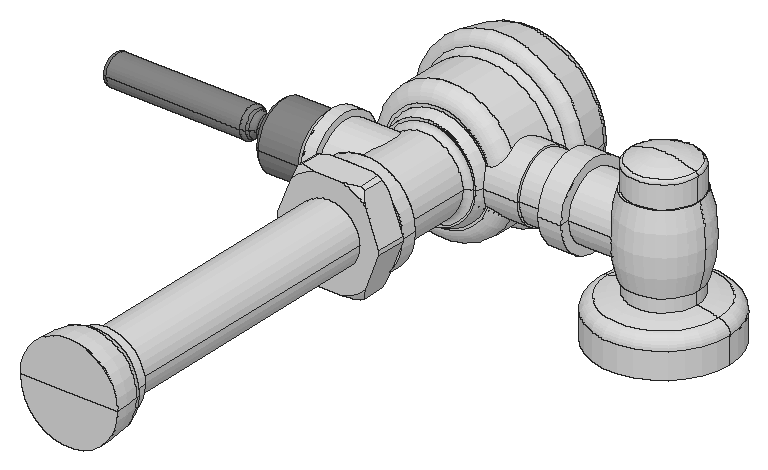
Revit family "Plumbing-Flushometer-Sloan-ROYAL-111_", category Plumbing Fixtures, host Face, Revit 2022
Family settings
  Host = Face
  Round Connector Dimension = Use Diameter
  Part Type = Normal
  OmniClass Number = 23.45.05.14.99
  OmniClass Title = Other Sanitary Washing Plumbing Fixtures
  Cut with Voids When Loaded = No
  Maintain Annotation Orientation = No
  Shared = No
  Room Calculation Point = No
Parameters (values of type "Not a Type - Load Type Catalog!")
  Water Inlet Connection Diameter = 1"  # constant formula
  Waste Connection = no
  WFU = 0
  Version = 2
  Vent Connection = no
  Valve Pressure Drop = 0.00 psi
  URL = "www.sloanvalve.com"
  Product data url = "https://www.bimobject.com/sloan_valve/product/flushometers_royal-111"
  Product Material = Sloan Valve - Finish - Polished Chrome
  Product Guid = ""
  Part Number = ""
  Operating Water Pressure = "15 – 80 PSI (103 – 552 kPa)"  # constant formula
  Model = "Model not specified - Load type catalog!"
  Manufacturer = "Sloan Valve"  # constant formula
  Keynote = "15410"
  Height = 14"  # constant formula
  HWFU = 0
  HW Connection = no
  Flush Rate = "1.6/1.1 gpf (6.0/4.2 Lpf)"
  Edition number = 1
  Description = ""
  Default Elevation = 0"
  Date Updated = "09.12.2024"  # constant formula
  Date Created = ""
  Centerline of Supply to Centerline of Valve = 4 3/4"  # constant formula
  Centerline of Supply from Top of Fixture = 11 1/2"  # constant formula
  CWFU = 0
  CW Connection = yes
  Assembly Code = "D2020300"
Reference planes (in)
  plane 1 "Center (Front/Back)": y = 0
  plane 2: z = 0
  plane 3 "Center (Left/Right)": x = 0
  plane 4: x = 4.75
  plane 5: y = -11.5
Dimensions and locks (in)
  "Centerline of Supply to Centerline of Valve": plane 3 "Center (Left/Right)" to plane 4
  aligned and locked: plane 2 to host face
  aligned and locked: level to host face
  aligned and locked: plane 3 "Center (Left/Right)" to nested 1
Automatic sketch dimensions
  host sketch curve to host sketch curve = 96"  (x2)
Nested families (in)
  nested 1: "Geometry" at (0, -11.5, 0) x (1, 0, 0) z (0, 1, 0), type "Geometry"
Connectors (in)
  piping at (4.75, 0, 0), diameter 1, driven by "Water Inlet Connection Diameter", driven by "CWFU", driven by "Valve Pressure Drop"
    settings: on nested 1, index 2, connector inside diameter 24", connector length 0", flow factor 0, pipe flow 0 GPM, pressure drop 0.00 psi, fitting loss kfactor 0, connector angle 0.00°, fixture units 0, engagement length 0", angle of deflection 0.00°, flow configuration 3, flow direction 1, fitting loss method 4, system type 20, joint type 0, gender type 0, connector reference index -1, connector utility 0, adjustable connector no, is connector primary yes, connector description "Water Inlet Connection"
Definition of nested family "Geometry"
  Parameters (values of type "Geometry")
    URL = ""
    Product Material = none
    Model = ""
    Manufacturer = ""
    Keynote = ""
    Description = ""
    Default Elevation = 0"
    Assembly Code = ""
  Reference planes (in)
    plane 1 "Center (Front/Back)": y = 0
    plane 2: z = 0
    plane 3 "Center (Left/Right)": x = 0
    plane 4: x = 4.75
    plane 5: y = -2.25
    plane 6: z = 11.5
  Forms (in)
    Extrusion 1, solid
      sketch origin (0, 0, 0) x (1, 0, 0) y (0, 1, 0)
        loop
          line (-48, 48) -> (-48, -48) -> (48, -48) -> (48, 48) -> (-48, 48)
      from 0 to -12
    Extrusion 2, solid, not visible
      sketch origin (0, 0, 0) x (1, 0, 0) y (0, 0, 1)
        loop
          circle (4.75, 11.5) r 1
      from 0.07956 to 0
    Revolve 3, solid, material <- "Product Material"
      sketch origin (2.87566, -6, 11.5) x (0, -1, 0) y (1, 0, 0)
        loop
          line (-6, 1.87434) -> (-6, 0.31986) -> (-5.38855, 0.31986)
          arc (-5.38855, 0.31986) -> (-5.19724, 0.39139) -> (-5.09978, 0.57088) r 0.29161
          arc (-5.09978, 0.57088) -> (-5.03831, 0.82661) -> (-5.00554, 1.08757) r 2.37095
          line (-5.00554, 1.08757) -> (-4.6752, 1.08757) -> (-4.6752, 1.02852)
          arc (-4.6752, 1.02852) -> (-3.75, 0.8743) -> (-2.8248, 1.02852) r 2.85227
          line (-2.8248, 1.02852) -> (-2.8248, 1.06789) -> (-2.30914, 1.06789)
          arc (-2.30914, 1.06789) -> (-2.25773, 1.08326) -> (-2.22321, 1.12434) r 0.09363
          arc (-2.22321, 1.12434) -> (-2.09611, 1.48981) -> (-2.05303, 1.87434) r 1.73773
          line (-2.05303, 1.87434) -> (-6, 1.87434)
        axis (-6, 1.87434) -> (-2.05303, 1.87434)
      angle from 0 to 360
    Revolve 4, solid, material <- "Product Material"
      sketch origin (-6.95658, -2.25, 142.48031) x (1, 0, 0) y (0, 0, 1)
        loop
          arc (8.09831, -142.48031) -> (8.08758, -142.15646) -> (8.04191, -141.83566) r 2.99497
          arc (8.04191, -141.83566) -> (7.98413, -141.71305) -> (7.86182, -141.65462) r 0.20189
          line (7.86182, -141.65462) -> (7.86182, -141.37914) -> (7.67533, -141.37914) -> (7.67533, -134.86351) -> (6.95658, -134.86351) -> (6.95658, -142.48031) -> (8.09831, -142.48031)
        loop
          line (6.95658, -133.81012) -> (7.86209, -133.81012) -> (7.86209, -132.071)
          arc (7.86209, -132.071) -> (7.90326, -131.97161) -> (8.00266, -131.93044) r 0.14057
          line (8.00266, -131.93044) -> (8.05894, -131.93044)
          arc (8.05894, -131.93044) -> (8.11858, -131.79902) -> (8.15737, -131.66002) r 0.93862
          line (8.15737, -131.66002) -> (8.22206, -131.66002)
          arc (8.22206, -131.66002) -> (8.4762, -131.55475) -> (8.58147, -131.30061) r 0.35941
          line (8.58147, -131.30061) -> (8.58147, -130.26424)
          arc (8.58147, -130.26424) -> (8.61171, -130.1454) -> (8.68331, -130.04584) r 0.32943
          arc (8.68331, -130.04584) -> (8.86833, -129.96921) -> (8.94497, -129.78419) r 0.26166
          line (8.94497, -129.78419) -> (8.79543, -129.08066)
          arc (8.79543, -129.08066) -> (8.71339, -128.94679) -> (8.56539, -128.89438) r 0.23518
          arc (8.56539, -128.89438) -> (8.33198, -128.87377) -> (8.09831, -128.85636) r 17.15253
          line (8.09831, -128.85636) -> (8.09831, -128.58915) -> (7.70461, -128.58915) -> (7.64556, -128.47104) -> (6.95658, -128.47104) -> (6.95658, -133.81012)
        axis (6.95658, -142.48031) -> (6.95658, -128.47104)
      angle from 0 to 360
    Revolve 5, solid
      sketch origin (-6.95658, -2.25, 142.48031) x (1, 0, 0) y (0, 0, 1)
        loop
          line (5, -132.48031) -> (5, -131.7126) -> (4.0171, -131.7126)
          arc (4.0171, -131.7126) -> (3.92793, -131.78226) -> (3.85827, -131.87143) r 0.46405
          line (3.85827, -131.87143) -> (3.85827, -132.06828)
          arc (3.85827, -132.06828) -> (3.70972, -132.11345) -> (3.58268, -132.2027) r 0.49152
          arc (3.58268, -132.2027) -> (3.48425, -132.24264) -> (3.38583, -132.2027) r 0.14124
          line (3.38583, -132.2027) -> (3.35236, -132.16923)
          arc (3.35236, -132.16923) -> (3.3041, -132.13698) -> (3.24717, -132.12566) r 0.14875
          line (3.24717, -132.12566) -> (0.11476, -132.12566)
          arc (0.11476, -132.12566) -> (0.03361, -132.15927) -> (0, -132.24042) r 0.11476
          line (0, -132.24042) -> (0, -132.48031) -> (5, -132.48031)
        axis (5, -132.48031) -> (0, -132.48031)
      angle from 0 to 360
    Revolve 6, solid, material <- "Product Material"
      sketch origin (-6.95658, -2.25, 142.48031) x (1, 0, 0) y (0, 0, 1)
        loop
          line (5, -132.48031) -> (6.93793, -132.48031) -> (6.93793, -131.65943) -> (5.43793, -131.65943) -> (5.43793, -131.51995) -> (5.15693, -131.51995)
          arc (5.15693, -131.51995) -> (5.07114, -131.58245) -> (5, -131.66123) r 0.5144
          line (5, -131.66123) -> (5, -132.48031)
        axis (6.93793, -132.48031) -> (5, -132.48031)
      angle from 0 to 360
    Revolve 7, solid, material <- "Product Material"
      sketch origin (-6.95658, -2.25, 142.48031) x (1, 0, 0) y (0, 0, 1)
        loop
          line (10.08152, -130.2126) -> (10.08152, -129.99606) -> (9.55027, -129.99606) -> (9.55027, -130.2126) -> (8.927, -130.2126) -> (8.927, -130.17323) -> (6.95658, -130.17323) -> (6.95658, -130.98031) -> (11.70658, -130.98031) -> (11.70658, -130.2126) -> (10.08152, -130.2126)
        axis (6.95658, -130.98031) -> (11.70658, -130.98031)
      angle from 0 to 360
  Lines and regions (in)
    Masking region 1
      outline origin (0, 0, 0) x (1, 0, 0) y (0, 1, 0)
        loop
          line (6.30453, 0) -> (3.19547, 0) -> (3.19547, -0.60176)
          arc (3.19547, -0.60176) -> (3.27619, -0.78833) -> (3.4459, -0.90022) r 0.3557
          arc (3.4459, -0.90022) -> (3.7016, -0.962) -> (3.9626, -0.99481) r 2.34951
          line (3.9626, -0.99481) -> (3.9626, -1.3248) -> (3.90354, -1.3248)
          arc (3.90354, -1.3248) -> (3.87677, -1.40444) -> (3.85241, -1.48484) r 2.77845
          line (3.85241, -1.48484) -> (3.12437, -1.48484) -> (3.12437, -1.26142) -> (2.59312, -1.26142) -> (2.59312, -1.44004) -> (1.81594, -1.44004)
          arc (1.81594, -1.44004) -> (0.08397, -0.26339) -> (-1.74112, -1.2897) r 1.98839
          line (-1.74112, -1.2897) -> (-1.79975, -1.2897)
          arc (-1.79975, -1.2897) -> (-1.88585, -1.35177) -> (-1.95658, -1.43091) r 0.49065
          line (-1.95658, -1.43091) -> (-1.95658, -1.48228) -> (-2.93948, -1.48228)
          arc (-2.93948, -1.48228) -> (-3.02916, -1.55144) -> (-3.09831, -1.64112) r 0.44191
          line (-3.09831, -1.64112) -> (-3.09831, -1.83797)
          arc (-3.09831, -1.83797) -> (-3.24623, -1.8825) -> (-3.37186, -1.97238) r 0.47212
          arc (-3.37186, -1.97238) -> (-3.47131, -2.01358) -> (-3.57076, -1.97238) r 0.14064
          line (-3.57076, -1.97238) -> (-3.60102, -1.94212)
          arc (-3.60102, -1.94212) -> (-3.6522, -1.90792) -> (-3.71256, -1.89592) r 0.15774
          line (-3.71256, -1.89592) -> (-6.83954, -1.89592)
          arc (-6.83954, -1.89592) -> (-6.92313, -1.92067) -> (-6.95928, -2) r 0.10511
          line (-6.95928, -2) -> (-6.95928, -2.25) -> (-6.95928, -2.5)
          arc (-6.95928, -2.5) -> (-6.92313, -2.57933) -> (-6.83954, -2.60408) r 0.10511
          line (-6.83954, -2.60408) -> (-3.71256, -2.60408)
          arc (-3.71256, -2.60408) -> (-3.6522, -2.59208) -> (-3.60102, -2.55788) r 0.15774
          line (-3.60102, -2.55788) -> (-3.57076, -2.52762)
          arc (-3.57076, -2.52762) -> (-3.47131, -2.48642) -> (-3.37186, -2.52762) r 0.14064
          arc (-3.37186, -2.52762) -> (-3.24623, -2.6175) -> (-3.09831, -2.66203) r 0.47212
          line (-3.09831, -2.66203) -> (-3.09831, -2.85888)
          arc (-3.09831, -2.85888) -> (-3.02916, -2.94856) -> (-2.93948, -3.01772) r 0.44191
          line (-2.93948, -3.01772) -> (-1.95658, -3.01772) -> (-1.95658, -3.06909)
          arc (-1.95658, -3.06909) -> (-1.88585, -3.14823) -> (-1.79975, -3.2103) r 0.49065
          line (-1.79975, -3.2103) -> (-1.74112, -3.2103)
          arc (-1.74112, -3.2103) -> (0.08402, -4.23661) -> (1.81598, -3.05987) r 1.98839
          line (1.81598, -3.05987) -> (2.59312, -3.05987) -> (2.59312, -3.23579) -> (3.12437, -3.23579) -> (3.12437, -3.01791) -> (3.8532, -3.01791)
          arc (3.8532, -3.01791) -> (3.8772, -3.09693) -> (3.90354, -3.1752) r 2.77845
          line (3.90354, -3.1752) -> (3.94291, -3.1752) -> (3.94291, -3.6752)
          arc (3.94291, -3.6752) -> (3.95934, -3.74449) -> (4.00511, -3.79904) r 0.1544
          arc (4.00511, -3.79904) -> (4.75, -3.97483) -> (5.49489, -3.79904) r 1.66617
          arc (5.49489, -3.79904) -> (5.54066, -3.74449) -> (5.55709, -3.6752) r 0.1544
          line (5.55709, -3.6752) -> (5.55709, -3.1752) -> (5.59646, -3.1752)
          arc (5.59646, -3.1752) -> (5.75502, -2.25) -> (5.59646, -1.3248) r 2.77845
          line (5.59646, -1.3248) -> (5.5374, -1.3248) -> (5.5374, -0.99481)
          arc (5.5374, -0.99481) -> (5.7984, -0.962) -> (6.0541, -0.90022) r 2.34951
          arc (6.0541, -0.90022) -> (6.22381, -0.78833) -> (6.30453, -0.60176) r 0.3557
          line (6.30453, -0.60176) -> (6.30453, 0)
    symbolic lines, detail levels medium+fine
      curve 1: line (5.59646, -3.1752, 0) -> (3.90354, -3.1752, 0)
      curve 2: line (5.59646, -1.3248, 0) -> (3.90354, -1.3248, 0)
      curve 3: line (3.9594, -1.00041, 0) -> (5.54725, -1.00041, 0)
      curve 4: line (3.12494, -1.29358, 0) -> (3.12494, -2.25, 0)
      curve 5: line (3.12494, -2.25, 0) -> (3.12494, -3.20642, 0)
      curve 6: line (2.59369, -1.29358, 0) -> (2.59369, -2.25, 0)
      curve 7: line (2.59369, -2.25, 0) -> (2.59369, -3.20642, 0)
      curve 8: line (-2.93948, -1.48228, 0) -> (-2.93948, -3.01772, 0)
      curve 9: line (-1.95658, -1.43091, 0) -> (-1.95658, -1.89578, 0)
      curve 10: line (-1.95658, -3.01772, 0) -> (-1.95658, -2.60422, 0)
      curve 11: line (-3.09831, -1.83797, 0) -> (-3.09831, -2.66203, 0)
      curve 16: arc (0.68898, -2.25, 0) -> (0, -1.56102, 0) -> (-0.68898, -2.25, 0) r 0.68898
      curve 17: arc (-0.68898, -2.25, 0) -> (0, -2.93898, 0) -> (0.68898, -2.25, 0) r 0.68898
      curve 19: arc (-1.74112, -1.2897, 0) -> (-1.98839, -2.25, 0) -> (-1.74112, -3.2103, 0) r 1.98839
      curve 20: arc (1.81594, -1.44004, 0) -> (1.98839, -2.25, 0) -> (1.81594, -3.05996, 0) r 1.98839
    symbolic lines, detail levels fine
      curve 12: arc (1.14173, -2.25, 0) -> (0, -1.10827, 0) -> (-1.14173, -2.25, 0) r 1.14173
      curve 13: arc (-1.14173, -2.25, 0) -> (0, -3.39173, 0) -> (1.14173, -2.25, 0) r 1.14173
      curve 14: arc (0.74803, -2.25, 0) -> (0, -1.50197, 0) -> (-0.74803, -2.25, 0) r 0.74803
      curve 15: arc (-0.74803, -2.25, 0) -> (0, -2.99803, 0) -> (0.74803, -2.25, 0) r 0.74803
      curve 18: circle (0, -2.25, 0) r 1.60881 normal (0, 0, 1)
  Dimensions and locks (in)
    Extrusion 2 sketch curve to plane 2 = 11 1/2"
    Extrusion 2 sketch curve to plane 3 "Center (Left/Right)" = 4 3/4"
    plane 3 "Center (Left/Right)" to plane 4 = 4 3/4"
    plane 6 to plane 2 = 11 1/2"
    aligned and locked: plane 2 to Extrusion 1
    aligned and locked: level to Extrusion 1
    aligned and locked: Extrusion 2 to plane 1 "Center (Front/Back)"
  Nested families (in)
    nested 1: "Royal Adapter" at (0, -2.25, 7.6168) x (-1, 0, 0) z (0, 0, 1), type "Optima Adapter"
  Connectors (in)
    piping at (4.75, 0, 11.5), diameter 1
      settings: on Extrusion 2, index 1, connector inside diameter 24", connector length 0", flow factor 0, pipe flow 0 GPM, pressure drop 0.00 psi, fitting loss kfactor 0, connector angle 0.00°, fixture units 0, engagement length 0", angle of deflection 0.00°, flow configuration 3, flow direction 1, fitting loss method 4, system type 20, joint type 0, gender type 0, connector reference index -1, connector utility 0, adjustable connector no, is connector primary yes, connector description "Water Inlet Connection"
  Definition of nested family "Royal Adapter"
    Parameters
      Flushometer Body = none
      Default Elevation = 0"
      Assembly Code = ""
    Reference planes (in)
      plane 1 "Center (Front/Back)": y = 0
      plane 2 "Bottom": z = 0
      plane 3 "Center (Left/Right)": x = 0
      plane 4: z = 0.6875
      plane 5: z = 0
      plane 6 "Top": z = 1.15625
      plane 7: x = -1.00394
      plane 8: x = 1.00394
      plane 9: y = 1.00394
      plane 10: y = -1.00394
      plane 11: x = -0.90551
      plane 12: x = 0.90551
      plane 13: y = 0.90551
      plane 14: y = -0.90551
    Forms (in)
      Blend 1, solid, material <- "Flushometer Body"
        base sketch origin (0, 0, 0.7874) x (1, 0, 0) y (0, 1, 0)
          loop
            circle (0, 0) r 1.1811
        top sketch origin (0, 0, 0.7874) x (1, 0, 0) y (0, 1, 0)
          loop
            circle (0, 0) r 0.8673
        from 0.26599 to 0.36885
      Extrusion 2, solid, material <- "Flushometer Body"
        sketch origin (3.5659, 28.25, -0.28276) x (1, 0, 0) y (0, 1, 0)
          loop
            line (-2.79667, -29.38337) -> (-2.3784, -28.30413) -> (-2.3784, -28.19587) -> (-2.79667, -27.11663) -> (-2.89042, -27.0625) -> (-4.24137, -27.0625) -> (-4.33512, -27.11663) -> (-4.7534, -28.19587) -> (-4.7534, -28.30413) -> (-4.33512, -29.38337) -> (-4.24137, -29.4375) -> (-2.89042, -29.4375) -> (-2.79667, -29.38337)
        from 0.28276 to 0.97026
      Revolve 3, solid, material <- "Flushometer Body"
        sketch origin (0, 0, -6.85938) x (1, 0, 0) y (0, 0, 1)
          loop
            line (-1.1875, 7.91276) -> (-1.1875, 7.54688) -> (0, 7.54688) -> (0, 7.91276) -> (-1.1875, 7.91276)
          axis (0, 7.54688) -> (0, 7.91276)
        angle from 0 to 360
      Sweep 4, void
        path origin (-6.04882, -180, 0.6875) x (-1, 0, 0) y (0, -1, 0)
          loop
            circle (-6.04882, -180) r 1.08978
        profile origin (0, -1.08978, 0.6875) x (0, 1, 0) y (0, 0, 1)
          loop
            line (0.07741, 0.05661) -> (-0.42957, 0.05661) -> (-0.42957, -0.31393)
            arc (-0.42957, -0.31393) -> (-0.23088, -0.05368) -> (0.07741, 0.05661) r 0.5772
          loop
            arc (0.07741, -0.74411) -> (-0.23088, -0.63382) -> (-0.42957, -0.37357) r 0.5772
            line (-0.42957, -0.37357) -> (-0.42957, -0.74411) -> (0.07741, -0.74411)
    Cuts and joins
      Sweep 4 cuts Extrusion 2
    Dimensions and locks (in)
      locked: plane 6 "Top" to plane 4 at 0.46875
      locked: plane 4 to plane 5 at 0.6875
      locked: plane 8 to plane 7 at 2.00787
      locked: plane 11 to plane 12 at 1.81102
      locked: plane 9 to plane 10 at 2.00787
      locked: plane 13 to plane 14 at 1.81102
      Extrusion 2 sketch curve to Extrusion 2 sketch curve = 2 3/8"
      locked: Extrusion 2 sketch curve to Extrusion 2 sketch curve at 2.375  (x2)
      aligned and locked: level to plane 2 "Bottom"
      aligned and locked: plane 2 "Bottom" to plane 5
      aligned and locked: Blend 1 to plane 6 "Top"
      aligned and locked: Revolve 3 sketch curve to Blend 1
      aligned and locked: plane 4 to Revolve 3 sketch curve
      aligned and locked: plane 3 "Center (Left/Right)" to Revolve 3 sketch curve
      aligned and locked: Revolve 3 sketch curve to Revolve 3 sketch curve
      aligned and locked: plane 4 to Extrusion 2
      aligned and locked: Extrusion 2 to level
